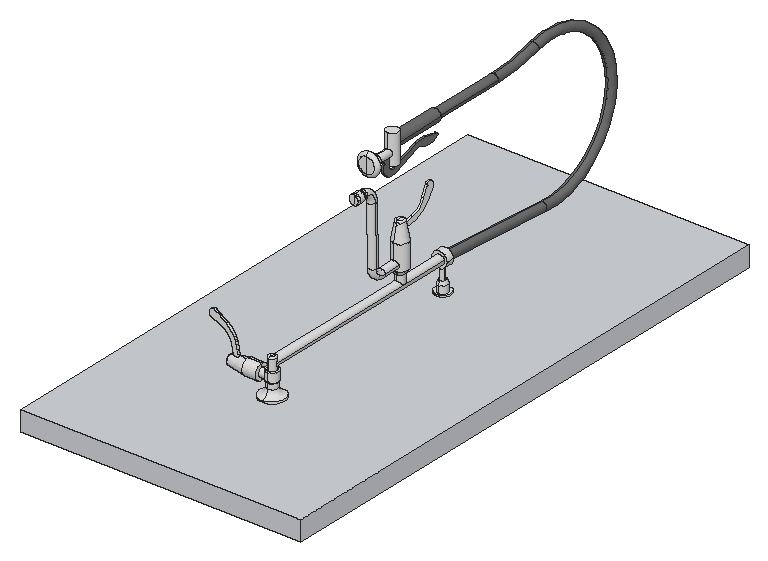
Revit family
Parameters (values of type "TF81WJP")
  WELSRating_ANZRS = ""
  URL = "www.galvinengineering.com.au"
  Type Comments = "Ezy-Wash Pre-Rinse"
  StyleOrType_ANZRS = "Plumbing Fixture"
  PlumbingMaterial_ANZRS = Metal_Taps_DR-Brass-with-Chrome-Finish_10800
  Outlet = "1000mm long high pressure hose with swivel ends"
  ModifiedIssue_ANZRS = 20120721.01  # constant formula
  Model = "TF81WJP"
  Manufacturer = "Galvin Engineering"
  Keynote = "15400"
  Instructions = "http://www.galvinengineering.com.au/Installation_Guides_1.aspx"
  Inlet = "15mm BSP Female"
  FlowRate = 0.000 L/s
  FlexibleHoseMaterial = Rubber_Taps_Black-with-Spring_10800
  FilterObject_ANZRS = "Ezy-Wash"
  DimInletRadius = 7.5 mm  # constant formula
  DimHeight = 1070 mm  # constant formula
  Description = "Wall Mounted Single Control Pre-Rinse Unit Type 81W"
  Default Elevation = 900 mm
  CreatedBy_ANZRS = "Galvin Engineering"
  CreatedByURL_ANZRS = "www.galvinengineering.com.au"
  CreatedByPhoneNo_ANZRS = "61-8-92495900"
  Assembly Code = "D2010"
Reference planes
  plane 1 "Bottom": y = 0
  plane 2 "Face": z = 0
  plane 3 "Center (Left/Right)": x = 0
  plane 4 "Top": y = 1070
  plane 5 "Width1": z = 326.475
  plane 6 "WidthReference1": z = 76.475
  plane 7 "Outlet1": y = 255
  plane 8 "Width2": z = 386.475
  plane 9: y = 295
  plane 10: z = 145.212
  plane 11: x = -155
  plane 12: z = 44.94
Forms (mm)
  Extrusion 1, solid
    sketch origin (0, -719.2, 0) x (1, 0, 0) y (0, 1, 0)
      loop
        line (-350, 1769.2) -> (-350, 369.2) -> (350, 369.2) -> (350, 1769.2) -> (-350, 1769.2)
    from 0 to -50
  Revolve 2, solid, material "Metal_Taps_DR-Brass-with-Chrome-Finish_10800" <- "PlumbingMaterial_ANZRS"
    sketch origin (0, 300, 216) x (0, 1, 0) y (0, 0, 1)
      loop
        line (-21.167, 110.475) -> (-21.167, 120.475) -> (-26.583, 122.458) -> (-40.125, 122.458) -> (-45, 121.808) -> (-45, 110.475) -> (-21.167, 110.475)
      axis (-21.167, 110.475) -> (-45, 110.475)
    angle from 0 to 360
  Revolve 3, solid, material "Metal_Taps_DR-Brass-with-Chrome-Finish_10800" <- "PlumbingMaterial_ANZRS"
    sketch origin (0, 0, 0) x (0, 1, 0) y (0, 0, 1)
      loop
        line (0, 90.5) -> (-6.45, 90.5)
        arc (-6.45, 90.5) -> (-8.571, 89.621) -> (-9.45, 87.5) r 3
        line (-9.45, 87.5) -> (-9.45, 61) -> (-13.8, 61)
        arc (-13.8, 61) -> (-14.861, 60.561) -> (-15.3, 59.5) r 1.5
        line (-15.3, 59.5) -> (-15.3, 37.5)
        arc (-15.3, 37.5) -> (-14.861, 36.439) -> (-13.8, 36) r 1.5
        line (-13.8, 36) -> (-12.751, 36) -> (-12.751, 21.721)
        arc (-12.751, 21.721) -> (-18.089, 8.835) -> (-30.975, 3.497) r 18.224
        line (-30.975, 3.497) -> (-30.975, 0) -> (0, 0) -> (0, 90.5)
      axis (0, 90.5) -> (0, 0)
    angle from 0 to 360
  Revolve 4, solid, material "Metal_Taps_DR-Brass-with-Chrome-Finish_10800" <- "PlumbingMaterial_ANZRS"
    sketch origin (0, 65, 0) x (0, 1, 0) y (0, 0, 1)
      loop
        line (315.4, 174.531) -> (315.4, 112.555) -> (323.337, 102.201) -> (323.337, 79.337) -> (334.45, 79.337) -> (334.45, 221.495)
        arc (334.45, 221.495) -> (330.408, 221.323) -> (326.396, 220.808) r 47.506
        arc (326.396, 220.808) -> (324.257, 219.705) -> (323.137, 217.573) r 4
        line (323.137, 217.573) -> (315.4, 174.531)
      axis (334.45, 221.495) -> (334.45, 79.337)
    angle from 0 to 360
  Extrusion 5, solid, material "Metal_Taps_DR-Brass-with-Chrome-Finish_10800" <- "PlumbingMaterial_ANZRS"
    sketch origin (0, 65, 0) x (0, 1, 0) y (0, 0, 1)
      loop
        arc (405.482, 238.054) -> (391.839, 220.276) -> (371.613, 210.628) r 48
        line (371.613, 210.628) -> (337.488, 203.375) -> (339.435, 192.543) -> (379.064, 200.966)
        arc (379.064, 200.966) -> (400.215, 210.054) -> (416.278, 226.543) r 59
        line (416.278, 226.543) -> (432.699, 251.829)
        arc (432.699, 251.829) -> (429.833, 265.317) -> (416.345, 262.45) r 9.75
        line (416.345, 262.45) -> (405.482, 238.054)
    from -2.5 to 2.5
  Sweep 6, solid, material "Metal_Taps_DR-Brass-with-Chrome-Finish_10800" <- "PlumbingMaterial_ANZRS"
    path origin (0, 65, 0) x (0, 1, 0) y (0, 0, 1)
      loop
        line (213.833, 326.475) -> (218.713, 326.475)
        arc (218.713, 326.475) -> (237.45, 318.81) -> (245.44, 300.209) r 26.731
        line (245.44, 300.209) -> (248.035, 151.369)
        arc (248.035, 151.369) -> (255.672, 133.591) -> (273.581, 126.264) r 25.55
        line (273.581, 126.264) -> (328.581, 126.264)
    profile origin (0, 366.081, 126.264) x (0, 0, 1) y (1, 0, 0)
      loop
        circle (0, 0) r 10
  Extrusion 7, solid, material "Metal_Taps_DR-Brass-with-Chrome-Finish_10800" <- "PlumbingMaterial_ANZRS"
    sketch origin (0, 62.766, 142.426) x (1, 0, 0) y (0, 0, 1)
      loop
        circle (0, -66.426) r 19
    from -478.384 to -460.384
  Extrusion 8, solid, material "Metal_Taps_DR-Brass-with-Chrome-Finish_10800" <- "PlumbingMaterial_ANZRS"
    sketch origin (0, 466.149, -639.907) x (0, -1, 0) y (1, 0, 0)
      loop
        circle (-66.426, 0) r 5
    from 667.496 to 704.795
  Revolve 9, solid, material "Metal_Taps_DR-Brass-with-Chrome-Finish_10800" <- "PlumbingMaterial_ANZRS"
    sketch origin (0, 0, 0) x (0, 1, 0) y (0, 0, 1)
      loop
        line (532.575, 27.589) -> (523.865, 27.589) -> (520.575, 19.027) -> (520.575, 2) -> (512.575, 2) -> (512.575, 0) -> (532.575, 0) -> (532.575, 27.589)
      axis (532.575, 27.589) -> (532.575, 0)
    angle from 0 to 360
  Extrusion 10, solid, material "Metal_Taps_DR-Brass-with-Chrome-Finish_10800" <- "PlumbingMaterial_ANZRS"
    sketch origin (0, 309.042, -243.396) x (0, -1, 0) y (1, 0, 0)
      loop
        circle (-66.426, 0) r 15
    from 601.678 to 673.678
  Revolve 11, solid, material "Metal_Taps_DR-Brass-with-Chrome-Finish_10800" <- "PlumbingMaterial_ANZRS"
    sketch origin (0, -151.054, 0) x (0, 1, 0) y (0, 0, 1)
      loop
        line (475.022, 398.475) -> (468.022, 398.475)
        arc (468.022, 398.475) -> (462.365, 400.818) -> (460.022, 406.475) r 8
        arc (460.022, 406.475) -> (453.022, 413.475) -> (446.022, 406.475) r 7
        line (446.022, 406.475) -> (446.022, 386.475) -> (526.522, 386.475) -> (526.522, 395.725) -> (475.022, 395.725) -> (475.022, 398.475)
      axis (526.522, 386.475) -> (446.022, 386.475)
    angle from 0 to 360
  Revolve 12, solid, material "Metal_Taps_DR-Brass-with-Chrome-Finish_10800" <- "PlumbingMaterial_ANZRS"
    sketch origin (0, 0, 0) x (1, 0, 0) y (0, 0, 1)
      loop
        line (-60.567, 25.89) -> (-26.567, 25.89) -> (-26.567, 33.94) -> (0, 33.94) -> (0, 44.94) -> (-107.608, 44.94)
        arc (-107.608, 44.94) -> (-107.467, 40.824) -> (-106.97, 36.736) r 47.48
        arc (-106.97, 36.736) -> (-105.866, 34.594) -> (-103.73, 33.479) r 3.99
        line (-103.73, 33.479) -> (-60.567, 25.89)
      axis (-107.608, 44.94) -> (0, 44.94)
    angle from 0 to 360
  Extrusion 13, solid, material "Metal_Taps_DR-Brass-with-Chrome-Finish_10800" <- "PlumbingMaterial_ANZRS"
    sketch origin (0, 0, 0) x (1, 0, 0) y (0, 0, 1)
      loop
        arc (-126.164, 116.422) -> (-108.386, 102.779) -> (-98.739, 82.553) r 48
        line (-98.739, 82.553) -> (-91.485, 48.428) -> (-80.653, 50.375) -> (-89.077, 90.004)
        arc (-89.077, 90.004) -> (-98.164, 111.155) -> (-114.654, 127.219) r 59
        line (-114.654, 127.219) -> (-139.94, 143.64)
        arc (-139.94, 143.64) -> (-153.427, 140.773) -> (-150.56, 127.285) r 9.75
        line (-150.56, 127.285) -> (-126.164, 116.422)
    from -2.5 to 2.5
  Extrusion 14, solid, material "Rubber_Taps_Black_10800"
    sketch origin (0, 0, 0) x (0, 1, 0) y (0, 0, 1)
      loop
        arc (476.777, 371.767) -> (462.304, 372.477) -> (448.147, 369.382) r 55
        line (448.147, 369.382) -> (380.849, 345.019)
        arc (380.849, 345.019) -> (367.11, 345.383) -> (360.343, 357.345) r 13.957
        line (360.343, 357.345) -> (360.343, 377.158) -> (340.467, 377.158)
        arc (340.467, 377.158) -> (346.438, 374.328) -> (346.971, 367.741) r 6.607
        arc (346.971, 367.741) -> (351.393, 339.066) -> (379.624, 332.371) r 25.979
        line (379.624, 332.371) -> (447.449, 357.921)
        arc (447.449, 357.921) -> (458.112, 359.46) -> (468.432, 356.369) r 25
        arc (468.432, 356.369) -> (490.167, 351.302) -> (511.286, 358.517) r 40.5
        arc (511.286, 358.517) -> (512.909, 362.648) -> (509.72, 365.734) r 4
        line (509.72, 365.734) -> (476.777, 371.767)
    from -2.5 to 2.5
  Extrusion 15, solid, material "Rubber_Taps_Black_10800"
    sketch origin (0, -157.443, 473.209) x (1, 0, 0) y (0, 0, 1)
      loop
        circle (0, -66.426) r 15
    from -664.611 to -535.911
  Sweep 16, solid, material "Rubber_Taps_Black-with-Spring_10800" <- "FlexibleHoseMaterial"
    path origin (0, 0, 0) x (0, 1, 0) y (0, 0, 1)
      loop
        arc (691.678, 406.783) -> (755.326, 411.136) -> (817.789, 424.115) r 467.457
        arc (817.789, 424.115) -> (1058.347, 253.639) -> (841.754, 53.595) r 189.76
        arc (841.754, 53.595) -> (691.842, 70.024) -> (541.15, 75.977) r 2165
    profile origin (0, 1058.347, 253.639) x (0, 0.997915, 0.064543) y (1, 0, 0)
      loop
        circle (0, 0) r 11.1
  Extrusion 17, solid, material "Rubber_Taps_Black_10800"
    sketch origin (0, -2.443, 473.209) x (1, 0, 0) y (0, 0, 1)
      loop
        circle (0, -66.426) r 11.1
    from -694.121 to -509.611
  Extrusion 18, solid, material "Metal_Taps_DR-Brass-with-Chrome-Finish_10800" <- "PlumbingMaterial_ANZRS"
    sketch origin (0, 62.766, 142.426) x (1, 0, 0) y (0, 0, 1)
      loop
        circle (0, -66.426) r 11.1
    from -460.384 to 62.766
Cuts and joins
  joined: Revolve 3, Revolve 4, Extrusion 5, Sweep 6, Extrusion 7, Extrusion 8, Revolve 12, Extrusion 13, Extrusion 18
  joined: Extrusion 10, Revolve 11
Dimensions and locks
  "DimHeight": plane 4 "Top" to plane 1 "Bottom"
  locked: plane 5 "Width1" to plane 6 "WidthReference1" at 250
  locked: plane 7 "Outlet1" to plane 1 "Bottom" at 255
  locked: plane 8 "Width2" to plane 6 "WidthReference1" at 310
  locked: plane 9 to plane 1 "Bottom" at 295
  locked: plane 3 "Center (Left/Right)" to plane 11 at 155
  locked: plane 10 to plane 12 at 100.272
  aligned and locked: plane 2 "Face" to Extrusion 1
  aligned and locked: level to Extrusion 1
Automatic sketch dimensions
  Extrusion 1 sketch curve to Extrusion 1 sketch curve = 700 mm
  Extrusion 1 sketch curve to Extrusion 1 sketch curve = 1400 mm
  Revolve 2 sketch curve to plane 5 "Width1" = 0 mm  (x2)
  Revolve 2 sketch curve to plane 7 "Outlet1" = 0 mm
  Revolve 2 sketch curve to plane 7 "Outlet1" = 8.083 mm
  plane 7 "Outlet1" to Revolve 2 sketch curve = 4.875 mm
  Revolve 2 sketch curve to Revolve 2 sketch curve = 11.917 mm  (x2)
  Revolve 2 sketch curve to Revolve 2 sketch curve = 13.542 mm
  Revolve 2 sketch curve to Revolve 2 sketch curve = 10 mm
  Revolve 2 sketch curve to Revolve 2 sketch curve = 11.333 mm
  Revolve 2 sketch curve to Revolve 2 sketch curve = 0.65 mm
  Revolve 3 sketch curve to level = 0 mm
  Revolve 3 sketch curve to plane 1 "Bottom" = 0 mm  (x2)
  plane 1 "Bottom" to Revolve 3 sketch curve = 6.45 mm
  plane 1 "Bottom" to Revolve 3 sketch curve = 9.45 mm
  plane 1 "Bottom" to Revolve 3 sketch curve = 12.751 mm
  Revolve 3 sketch curve to Revolve 3 sketch curve = 4.35 mm
  Revolve 3 sketch curve to Revolve 3 sketch curve = 1.049 mm
  Revolve 3 sketch curve to Revolve 3 sketch curve = 1.5 mm
  Revolve 3 sketch curve to Revolve 3 sketch curve = 18.224 mm
  Revolve 3 sketch curve to level = 20 mm
  Revolve 3 sketch curve to Revolve 3 sketch curve = 3.497 mm
  Revolve 3 sketch curve to Revolve 3 sketch curve = 8.279 mm
  Revolve 3 sketch curve to Revolve 3 sketch curve = 6 mm
  Revolve 3 sketch curve to plane 6 "WidthReference1" = 16.975 mm
  plane 6 "WidthReference1" to Revolve 3 sketch curve = 11.025 mm
  plane 6 "WidthReference1" to Revolve 4 sketch curve = 36.08 mm
  plane 9 to Revolve 4 sketch curve = 85.4 mm
  Revolve 4 sketch curve to Revolve 4 sketch curve = 7.737 mm
  plane 6 "WidthReference1" to Revolve 4 sketch curve = 2.862 mm
  Revolve 4 sketch curve to Revolve 4 sketch curve = 7.938 mm
  Revolve 4 sketch curve to Revolve 4 sketch curve = 3.259 mm
  Revolve 4 sketch curve to Revolve 4 sketch curve = 0 mm  (x2)
  Revolve 4 sketch curve to Revolve 4 sketch curve = 3.937 mm
  Revolve 4 sketch curve to Revolve 4 sketch curve = 8.054 mm
  Revolve 4 sketch curve to plane 6 "WidthReference1" = 37.727 mm
  Revolve 4 sketch curve to Revolve 4 sketch curve = 10.353 mm
  Revolve 4 sketch curve to Revolve 4 sketch curve = 36.193 mm
  Revolve 4 sketch curve to Revolve 4 sketch curve = 25.241 mm
  Revolve 4 sketch curve to Revolve 4 sketch curve = 0.542 mm
  Revolve 4 sketch curve to Revolve 4 sketch curve = 42.877 mm
  plane 9 to Extrusion 5 sketch curve = 107.488 mm
  Extrusion 5 sketch curve to Extrusion 5 sketch curve = 1.947 mm
  Extrusion 5 sketch curve to Extrusion 5 sketch curve = 24.145 mm
  Extrusion 5 sketch curve to Extrusion 5 sketch curve = 5.164 mm
  Extrusion 5 sketch curve to Extrusion 5 sketch curve = 34.125 mm
  Extrusion 5 sketch curve to Extrusion 5 sketch curve = 7.451 mm
  Extrusion 5 sketch curve to plane 5 "Width1" = 88.421 mm
  Extrusion 5 sketch curve to Extrusion 5 sketch curve = 33.869 mm
  Extrusion 5 sketch curve to Extrusion 5 sketch curve = 10.796 mm
  Extrusion 5 sketch curve to plane 5 "Width1" = 64.025 mm
  Extrusion 5 sketch curve to Extrusion 5 sketch curve = 10.863 mm
  Extrusion 5 sketch curve to Extrusion 5 sketch curve = 8.177 mm  (x2)
  Extrusion 5 sketch curve to plane 5 "Width1" = 74.646 mm
  Extrusion 5 sketch curve to Extrusion 5 sketch curve = 11.511 mm
  Extrusion 5 sketch curve to Extrusion 5 sketch curve = 27.426 mm
  Extrusion 5 sketch curve to Extrusion 5 sketch curve = 7.253 mm
  Extrusion 5 sketch curve to Extrusion 5 sketch curve = 9.662 mm
  Extrusion 5 sketch curve to Extrusion 5 sketch curve = 10.832 mm
  Sweep 6 sketch curve to plane 5 "Width1" = 0 mm
  Sweep 6 sketch curve to plane 9 = 16.167 mm
  Sweep 6 sketch curve to plane 9 = 11.287 mm
  plane 9 to Sweep 6 sketch curve = 15.44 mm
  plane 9 to Sweep 6 sketch curve = 18.035 mm
  Sweep 6 sketch curve to Sweep 6 sketch curve = 25.546 mm
  Sweep 6 sketch curve to Sweep 6 sketch curve = 55 mm
  Sweep 6 sketch curve to plane 5 "Width1" = 26.266 mm
  plane 6 "WidthReference1" to Sweep 6 sketch curve = 75.339 mm
  Sweep 6 sketch curve to Sweep 6 sketch curve = 0.445 mm
  Sweep 6 sketch curve to plane 3 "Center (Left/Right)" = 0 mm
  Sweep 6 sketch curve to profile plane = 0 mm
  Extrusion 7 sketch curve to plane 3 "Center (Left/Right)" = 0 mm
  Extrusion 7 sketch curve to plane 6 "WidthReference1" = 0.475 mm
  Extrusion 8 sketch curve to plane 3 "Center (Left/Right)" = 0 mm
  plane 9 to Extrusion 8 sketch curve = 237.575 mm
  level to Revolve 9 sketch curve = 0 mm
  plane 9 to Revolve 9 sketch curve = 217.575 mm
  level to Revolve 9 sketch curve = 2 mm
  Revolve 9 sketch curve to Revolve 9 sketch curve = 8 mm
  level to Revolve 9 sketch curve = 27.589 mm
  Revolve 9 sketch curve to Revolve 9 sketch curve = 3.29 mm
  Revolve 9 sketch curve to Revolve 9 sketch curve = 8.71 mm
  Revolve 9 sketch curve to Revolve 9 sketch curve = 0 mm
  Revolve 9 sketch curve to Revolve 9 sketch curve = 8.344 mm
  Revolve 9 sketch curve to Revolve 9 sketch curve = 12.589 mm
  Revolve 9 sketch curve to Revolve 9 sketch curve = 8.562 mm
  Extrusion 10 sketch curve to plane 3 "Center (Left/Right)" = 0 mm
  plane 9 to Extrusion 10 sketch curve = 80.468 mm
  Revolve 11 sketch curve to plane 8 "Width2" = 0 mm  (x2)
  Revolve 11 sketch curve to plane 9 = 15.032 mm
  Revolve 11 sketch curve to plane 9 = 0.032 mm
  plane 9 to Revolve 11 sketch curve = 6.968 mm
  Revolve 11 sketch curve to Revolve 11 sketch curve = 0 mm
  Revolve 11 sketch curve to Revolve 11 sketch curve = 8 mm
  Revolve 11 sketch curve to Revolve 11 sketch curve = 7 mm
  Revolve 11 sketch curve to Revolve 11 sketch curve = 6 mm
  Revolve 11 sketch curve to Revolve 11 sketch curve = 45.5 mm
  plane 8 "Width2" to Revolve 11 sketch curve = 9.25 mm
  Revolve 11 sketch curve to Revolve 11 sketch curve = 2.75 mm
  Revolve 12 sketch curve to plane 3 "Center (Left/Right)" = 0 mm
  Revolve 12 sketch curve to plane 3 "Center (Left/Right)" = 24.983 mm
  Revolve 12 sketch curve to Revolve 12 sketch curve = 1.584 mm
  Revolve 12 sketch curve to Revolve 12 sketch curve = 35.147 mm
  Revolve 12 sketch curve to Revolve 12 sketch curve = 0.437 mm
  Revolve 12 sketch curve to Revolve 12 sketch curve = 42.907 mm
  level to Revolve 12 sketch curve = 33.479 mm
  Revolve 12 sketch curve to Revolve 12 sketch curve = 0.693 mm
  Revolve 12 sketch curve to Revolve 12 sketch curve = 3.933 mm
  Revolve 12 sketch curve to Revolve 12 sketch curve = 0.638 mm
  Revolve 12 sketch curve to plane 6 "WidthReference1" = 31.535 mm
  Revolve 12 sketch curve to Revolve 12 sketch curve = 85.017 mm
  level to Revolve 12 sketch curve = 25.89 mm
  Revolve 12 sketch curve to Revolve 12 sketch curve = 11 mm
  Revolve 12 sketch curve to Revolve 12 sketch curve = 3.257 mm
  Revolve 12 sketch curve to Revolve 12 sketch curve = 18.614 mm
  plane 6 "WidthReference1" to Extrusion 13 sketch curve = 50.81 mm
  Extrusion 13 sketch curve to plane 3 "Center (Left/Right)" = 150.56 mm
  plane 6 "WidthReference1" to Extrusion 13 sketch curve = 1.262 mm
  Extrusion 13 sketch curve to Extrusion 13 sketch curve = 3.773 mm
  Extrusion 13 sketch curve to Extrusion 13 sketch curve = 1.098 mm
  Extrusion 13 sketch curve to Extrusion 13 sketch curve = 5.31 mm  (x2)
  plane 6 "WidthReference1" to Extrusion 13 sketch curve = 67.165 mm
  Extrusion 13 sketch curve to Extrusion 13 sketch curve = 24.396 mm
  plane 6 "WidthReference1" to Extrusion 13 sketch curve = 50.744 mm
  Extrusion 13 sketch curve to Extrusion 13 sketch curve = 11.511 mm
  plane 6 "WidthReference1" to Extrusion 13 sketch curve = 6.078 mm
  Extrusion 13 sketch curve to Extrusion 13 sketch curve = 27.426 mm
  Extrusion 13 sketch curve to plane 6 "WidthReference1" = 28.047 mm
  Extrusion 13 sketch curve to Extrusion 13 sketch curve = 7.253 mm
  Extrusion 13 sketch curve to Extrusion 13 sketch curve = 9.662 mm
  Extrusion 13 sketch curve to plane 6 "WidthReference1" = 26.1 mm
  Extrusion 13 sketch curve to Extrusion 13 sketch curve = 10.832 mm
  Extrusion 13 sketch curve to plane 6 "WidthReference1" = 3.902 mm
  Extrusion 15 sketch curve to plane 3 "Center (Left/Right)" = 0 mm
  plane 8 "Width2" to Extrusion 15 sketch curve = 20.308 mm
  Sweep 16 sketch curve to profile plane = 0 mm  (x2)
  Extrusion 17 sketch curve to plane 3 "Center (Left/Right)" = 0 mm
  plane 8 "Width2" to Extrusion 17 sketch curve = 20.308 mm
  Extrusion 18 sketch curve to plane 3 "Center (Left/Right)" = 0 mm
  Extrusion 18 sketch curve to plane 6 "WidthReference1" = 0.475 mm
  plane 9 to Sweep 16 sketch curve = 236.092 mm
  Sweep 16 sketch curve to plane 6 "WidthReference1" = 0.498 mm
  plane 9 to Sweep 16 sketch curve = 246.15 mm
  plane 8 "Width2" to Sweep 16 sketch curve = 20.308 mm
  Sweep 16 sketch curve to Sweep 16 sketch curve = 150.528 mm
  plane 8 "Width2" to Sweep 16 sketch curve = 37.64 mm
  Sweep 16 sketch curve to Sweep 16 sketch curve = 126.111 mm
  Sweep 16 sketch curve to Sweep 16 sketch curve = 0 mm
  level to Sweep 16 sketch curve = 53.595 mm
  Sweep 16 sketch curve to Sweep 16 sketch curve = 300.603 mm
  Extrusion 14 sketch curve to plane 8 "Width2" = 9.317 mm
  plane 9 to Extrusion 14 sketch curve = 45.467 mm
  Extrusion 14 sketch curve to Extrusion 14 sketch curve = 0.536 mm
  Extrusion 14 sketch curve to Extrusion 14 sketch curve = 5.969 mm
  Extrusion 14 sketch curve to Extrusion 14 sketch curve = 13.372 mm
  Extrusion 14 sketch curve to Extrusion 14 sketch curve = 10.139 mm
  Extrusion 14 sketch curve to Extrusion 14 sketch curve = 3.819 mm
  plane 5 "Width1" to Extrusion 14 sketch curve = 5.896 mm
  Extrusion 14 sketch curve to Extrusion 14 sketch curve = 5.324 mm
  Extrusion 14 sketch curve to Extrusion 14 sketch curve = 1.225 mm
  Extrusion 14 sketch curve to plane 8 "Width2" = 28.554 mm
  Extrusion 14 sketch curve to Extrusion 14 sketch curve = 66.6 mm
  Extrusion 14 sketch curve to plane 8 "Width2" = 17.093 mm
  Extrusion 14 sketch curve to Extrusion 14 sketch curve = 0.699 mm
  plane 5 "Width1" to Extrusion 14 sketch curve = 8.053 mm
  Extrusion 14 sketch curve to Extrusion 14 sketch curve = 8.819 mm
  Extrusion 14 sketch curve to plane 5 "Width1" = 8.808 mm
  Extrusion 14 sketch curve to Extrusion 14 sketch curve = 10.602 mm
  Extrusion 14 sketch curve to Extrusion 14 sketch curve = 20.983 mm
  Extrusion 14 sketch curve to Extrusion 14 sketch curve = 0 mm
  Extrusion 14 sketch curve to plane 8 "Width2" = 14.708 mm
  plane 8 "Width2" to Extrusion 14 sketch curve = 5.276 mm
  Extrusion 14 sketch curve to Extrusion 14 sketch curve = 32.223 mm
  Extrusion 14 sketch curve to plane 8 "Width2" = 20.741 mm
  Extrusion 14 sketch curve to Extrusion 14 sketch curve = 0.721 mm
  Extrusion 14 sketch curve to Extrusion 14 sketch curve = 2.286 mm
  Extrusion 14 sketch curve to Extrusion 14 sketch curve = 12.648 mm
  Extrusion 14 sketch curve to Extrusion 14 sketch curve = 0.657 mm
  radius of Sweep 6 sketch curve = 10 mm
  radius of Extrusion 7 sketch curve = 19 mm
  radius of Extrusion 8 sketch curve = 5 mm
  radius of Extrusion 10 sketch curve = 15 mm
  radius of Extrusion 15 sketch curve = 15 mm
  radius of Sweep 16 sketch curve = 11.1 mm
  radius of Extrusion 17 sketch curve = 11.1 mm
  radius of Extrusion 18 sketch curve = 11.1 mm
Connectors
  piping at (0, 0, 0), driven by "DimInletRadius", driven by "FlowRate", driven by "Inlet"
    settings: on cut or joined group of Revolve 3, Revolve 4, Extrusion 5, Sweep 6, Extrusion 7, Extrusion 8, Revolve 12, Extrusion 13, Extrusion 18, index 1, connector radius 0.29528", flow factor 0, pipe flow 0.000 L/s, pressure drop 0.00 psi, fitting loss kfactor 0, connector angle 0.00°, fixture units 0, flow configuration 1, flow direction 1, fitting loss method 4, system type 20, connector reference index -1, connector utility 0, adjustable connector no, is connector primary yes, fitting loss table "", connector description "15mm BSP Female"
